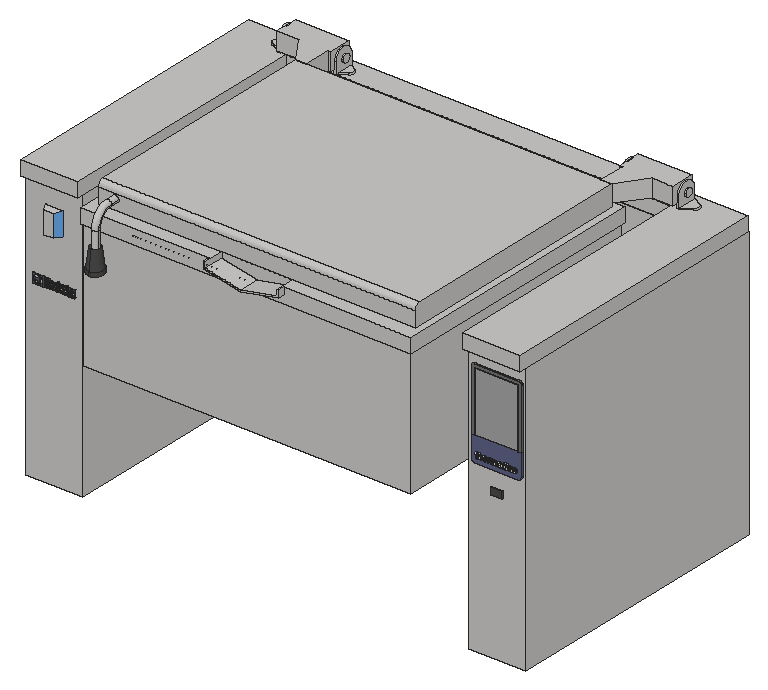
Revit family "QF_ELECTROLUXPROFESSIONAL_586279_PFET08EEEO", category Attrezzature speciali, Revit 2020
Family settings
  Quota connettore circolare = Usa diametro
  Tipo di parte = Normale
  Basato su piano di lavoro = No
  Sempre verticale = Sì
  Taglio con vuoti quando caricato = No
  Condiviso = No
  Punto di calcolo locali = No
Parameters (values of type "Standard")
  Weight = 240.00 kg
  Watts = 20600 W
  Volts = 400 V
  URL Manufacturer = "https://www.electroluxprofessional.com/"
  URL = "https://www.electroluxprofessional.com/"
  Steam Supply Size = 0 mm
  Steam Supply Minimum Pressure = 0.0 Pa
  Steam Supply Maximum Pressure = 0.0 Pa
  Steam Consumption per Hour = 0
  Refrigeration Suction Line Size = 0.0 mm
  Refrigeration Liquid Line Size = 0.0 mm
  Refrigerant Compressor Remote = yes
  Prospetto di default = 0.0 mm
  Produttore = "Electrolux Professional"
  Phase = 3
  Modello = "PFET08EEEO"
  Length Actual = 1400.0 mm  # constant formula
  Item Number = "586279"
  Hot Water Size = 12.7 mm
  Height Actual = 800.0 mm  # constant formula
  HP = "27.6 HP"
  Gas Size = 0 mm
  Gas KW = 0
  Gas Input Pressure = 0 W
  Direct Waste Size = 0 mm
  Descrizione = "ELECTRIC TILTING BRAISING PAN, 80L, COMPOUND(S) FS D800"
  Depth Actual = 800.0 mm  # constant formula
  Cycle = 50 Hz
  Condensate Return Size = 0 mm
  Compressed Air Volume = 0.0 L/s
  Compressed Air Size = 0 mm
  Compressed Air Pressure = 0.0 Pa
  Cold Water Size = 12.7 mm
  Accessory = yes
Reference planes
  plane 1 "Center (Front/Back)": y = 0
  plane 2: z = 0
  plane 3 "Center (Left/Right)": x = 0
  plane 4 "LEFT": x = -700
  plane 5 "RIGHT": x = 700
  plane 6 "BACK": y = 400
  plane 7 "FRONT": y = -400
  plane 8 "Base": z = 200
  plane 9 "TOP": z = 900
  plane 10: x = -540
  plane 11: x = 540
  plane 12 "Axe_PentolaY": y = -180
  plane 13 "AxePentolaZ": z = 730
  plane 14 "PLANE_TOP": z = 860
  plane 15: y = 330
  plane 16: z = 833
  plane 17: z = 502
  plane 18: z = 340
  plane 19: y = -502
  plane 20 "CentroPentolaY": y = -108
  plane 21 "TopCoperchio": z = 958
  plane 22 "Versamento": z = 910
  plane 23 "V1": through (-107.18, -558, 4000) normal (-0.7071, -0.7071, 0)
  plane 24 "V2": through (107.18, -558, 4000) normal (-0.7071, 0.7071, 0)
  plane 25 "Gfront": y = -1250
  plane 26 "LEVEL": through (-245.562, -289.383, 4000) normal (0.866, 0.5, 0)
  plane 27 "GRight": x = 250
  plane 28 "GLeft": x = -250
  plane 29 "Gback": y = -150
  plane 30: z = 1771
  plane 31 "Ribaltamento": y = -522
  plane 32 "AxeL": x = -620
  plane 33 "AxeR": x = 620
  plane 34 "Pentola_Back": y = 258
  plane 35 "Pentola_L": x = -457.5
  plane 36 "Pentola_R": x = 457.5
  plane 37: x = -397.5
  plane 38 "axeC1": x = -480
  plane 39 "axeC2": x = 480
Forms (mm)
  Revolve 1, solid, material "QF_Finishes_Stainless Steel"
    sketch origin (0, 0, 730) x (-1, 0, 0) y (0, -1, 0)
      loop
        line (540, 180) -> (-540, 180) -> (-540, 90) -> (-530, 90) -> (-530, 123) -> (530, 123) -> (530, 90) -> (540, 90) -> (540, 180)
      axis (540, 180) -> (-540, 180)
    angle from 0 to 360
  Extrusion 2, solid, material "QF_Finishes_Stainless Steel"
    sketch origin (0, 0, 860) x (-1, 0, 0) y (0, -1, 0)
      loop
        line (700, 400) -> (540, 400) -> (540, -330) -> (-540, -330) -> (-540, 400) -> (-700, 400) -> (-700, -400) -> (700, -400) -> (700, 400)
    from 0 to 40
  Extrusion 3, solid, material "QF_Finishes_Stainless Steel"
    sketch origin (0, 0, 860) x (-1, 0, 0) y (0, -1, 0)
      loop
        line (540, -330) -> (-540, -330) -> (-540, -400) -> (540, -400) -> (540, -330)
    from 0 to -360
  Extrusion 4, solid, material "QF_Finishes_Stainless Steel"
    sketch origin (-480, 0, 0) x (0, 1, 0) y (0, 0, 1)
      loop
        line (383.242, 900) -> (383.242, 931.379)
        arc (383.242, 931.379) -> (356.621, 958) -> (330, 931.379) r 26.621
        line (330, 931.379) -> (330, 900) -> (383.242, 900)
    from 75 to 82
  Extrusion 5, solid, material "QF_Finishes_Stainless Steel"
    sketch origin (-380, 0, 900) x (0, 1, 0) y (-1, 0, 0)
      loop
        line (334.36, 18) -> (345.936, -3.201)
        arc (345.936, -3.201) -> (356.621, -9.541) -> (367.305, -3.201) r 12.174
        line (367.305, -3.201) -> (378.882, 18) -> (334.36, 18)
      loop
        line (345.936, 211.185) -> (330, 182) -> (383.242, 182) -> (367.305, 211.185)
        arc (367.305, 211.185) -> (356.621, 217.525) -> (345.936, 211.185) r 12.174
    from 0 to 3
  Extrusion 6, solid, material "QF_Finishes_Stainless Steel"
    sketch origin (0, 0, 0) x (0, 1, 0) y (0, 0, 1)
      loop
        line (258, 860) -> (-479, 860) -> (-479, 502) -> (258, 502) -> (258, 860)
    from -457.5 to 457.5
  Extrusion 7, solid, material "QF_Finishes_Stainless Steel"
    sketch origin (0, 0, 0) x (0, 1, 0) y (0, 0, 1)
      loop
        line (264, 860) -> (264, 900) -> (-485, 900) -> (-485, 860) -> (264, 860)
    from -463.5 to 463.5
  Extrusion 8, void
    sketch origin (0, -400, 0) x (-1, 0, 0) y (0, 0, 1)
      loop
        line (-100, 900) -> (-100, 884.138) -> (0, 865.09) -> (100, 884.138) -> (100, 900) -> (-100, 900)
    from -85 to -45
  Extrusion 9, solid, material "QF_Finishes_Stainless Steel"
    sketch origin (0, 0, 0) x (0, 1, 0) y (0, 0, 1)
      loop
        line (244, 958) -> (-430, 958)
        arc (-430, 958) -> (-440.607, 953.607) -> (-445, 943) r 15
        line (-445, 943) -> (-445, 900) -> (244, 900) -> (244, 958)
    from -443.5 to 443.5
  Extrusion 10, solid, material "QF_Finishes_Stainless Steel"
    sketch origin (0, -400, 0) x (-1, 0, 0) y (0, 0, 1)
      loop
        line (105, 880) -> (105, 900) -> (100, 900) -> (100, 884.138) -> (0, 865.09) -> (-100, 884.138) -> (-100, 900) -> (-105, 900) -> (-105, 880) -> (0, 860) -> (105, 880)
    from -102 to -79
  Extrusion 11, solid, material "QF_Finishes_Stainless Steel"
    sketch origin (-480, 0, 0) x (0, 1, 0) y (0, 0, 1)
      loop
        line (383.242, 900) -> (383.242, 931.379)
        arc (383.242, 931.379) -> (356.621, 958) -> (330, 931.379) r 26.621
        line (330, 931.379) -> (330, 900) -> (383.242, 900)
    from -82 to -75
  Extrusion 12, solid, material "QF_Finishes_Stainless Steel"
    sketch origin (-480, 0, 0) x (0, 1, 0) y (0, 0, 1)
      loop
        circle (356.621, 931.379) r 10
    from 82 to 89
  Extrusion 13, solid, material "QF_Finishes_Stainless Steel"
    sketch origin (-480, 0, 0) x (0, 1, 0) y (0, 0, 1)
      loop
        circle (356.621, 931.379) r 10
    from -82 to -89
  Extrusion 14, solid, material "QF_Finishes_Stainless Steel"
    sketch origin (480, 0, 900) x (0, 1, 0) y (-1, 0, 0)
      loop
        arc (345.936, -111.185) -> (356.621, -117.525) -> (367.305, -111.185) r 12.174
        line (367.305, -111.185) -> (383.242, -82) -> (330, -82) -> (345.936, -111.185)
      loop
        line (345.936, 111.185) -> (330, 82) -> (383.242, 82) -> (367.305, 111.185)
        arc (367.305, 111.185) -> (356.621, 117.525) -> (345.936, 111.185) r 12.174
    from 0 to 3
  Extrusion 15, solid, material "QF_Finishes_Stainless Steel"
    sketch origin (480, 0, 0) x (0, 1, 0) y (0, 0, 1)
      loop
        circle (356.621, 931.379) r 10
    from 82 to 89
  Extrusion 16, solid, material "QF_Finishes_Stainless Steel"
    sketch origin (480, 0, 0) x (0, 1, 0) y (0, 0, 1)
      loop
        circle (356.621, 931.379) r 10
    from -82 to -89
  Extrusion 17, solid, material "QF_Finishes_Stainless Steel"
    sketch origin (480, 0, 0) x (0, 1, 0) y (0, 0, 1)
      loop
        line (383.242, 900) -> (383.242, 931.379)
        arc (383.242, 931.379) -> (356.621, 958) -> (330, 931.379) r 26.621
        line (330, 931.379) -> (330, 900) -> (383.242, 900)
    from 75 to 82
  Extrusion 18, solid, material "QF_Finishes_Stainless Steel"
    sketch origin (480, 0, 0) x (0, 1, 0) y (0, 0, 1)
      loop
        line (383.242, 900) -> (383.242, 931.379)
        arc (383.242, 931.379) -> (356.621, 958) -> (330, 931.379) r 26.621
        line (330, 931.379) -> (330, 900) -> (383.242, 900)
    from -82 to -75
  Extrusion 19, solid, material "QF_Finishes_Stainless Steel"
    sketch origin (0, 0, 900) x (0, 1, 0) y (-1, 0, 0)
      loop
        line (318.242, 412.5) -> (318.242, 405) -> (383.242, 405) -> (383.242, 555) -> (318.242, 555) -> (318.242, 495.485) -> (244, 443.5) -> (244, 412.5) -> (318.242, 412.5)
      loop
        line (318.242, -412.5) -> (244, -412.5) -> (244, -443.5) -> (318.242, -495.485) -> (318.242, -555) -> (383.242, -555) -> (383.242, -405) -> (318.242, -405) -> (318.242, -412.5)
    from 10 to 58
  Extrusion 20, solid, material "QF_Door-Drawer Clearances", detail levels coarse
    sketch origin (0, 43.989, -0.088) x (0, 1, 0) y (0, 0, 1)
      loop
        arc (-542.39, 847.898) -> (-565.226, 709.247) -> (-522.989, 575.225) r 302.677
        line (-522.989, 575.225) -> (-522.989, 847.898) -> (-542.39, 847.898)
      loop
        line (325.826, 958.088) -> (124.719, 1720.046) -> (110.522, 1716.299) -> (105.888, 1733.858)
        arc (105.888, 1733.858) -> (78.382, 1766.541) -> (35.668, 1766.049) r 50.001
        arc (35.668, 1766.049) -> (-403.465, 1439.012) -> (-557.984, 913.736) r 864.329
        arc (-557.984, 913.736) -> (-540.994, 929.536) -> (-518.989, 936.891) r 54.807
        line (-518.989, 936.891) -> (-488.989, 936.891) -> (-488.989, 943.088)
        arc (-488.989, 943.088) -> (-484.596, 953.695) -> (-473.989, 958.088) r 15
        line (-473.989, 958.088) -> (325.826, 958.088)
    from 105 to -105
Cuts and joins
  Extrusion 8 cuts Extrusion 7
  joined: Extrusion 7, Extrusion 10
Lines and regions (mm)
  symbolic lines
    curve 1: line (700, 400, 900) -> (-700, 400, 900)
    curve 2: line (700, -400, 900) -> (700, 400, 900)
    curve 3: line (-700, 400, 900) -> (-700, -400, 900)
    curve 4: line (-700, -400, 900) -> (-540, -400, 900)
    curve 5: line (-540, -400, 900) -> (-540, 318.242, 900)
    curve 6: line (540, -400, 900) -> (700, -400, 900)
    curve 7: line (530, -90, 900) -> (530, -270, 900)
    curve 8: line (-530, -90, 900) -> (-530, -270, 900)
    curve 9: line (-530, -90, 900) -> (-540, -90, 900)
    curve 10: line (-530, -270, 900) -> (-540, -270, 900)
    curve 11: line (530, -90, 900) -> (540, -90, 900)
    curve 12: line (530, -270, 900) -> (540, -270, 900)
    curve 18: line (562, 330, 900) -> (555, 330, 900)
    curve 19: line (-530, -122.761, 900) -> (-462.169, -122.761, 900)
    curve 20: line (-530, -236.868, 900) -> (-463.5, -236.868, 900)
    curve 21: line (530, -122.761, 900) -> (463.5, -122.761, 900)
    curve 22: line (530, -236.868, 900) -> (463.5, -236.868, 900)
    curve 49: line (-495.485, 318.242, 900) -> (-443.5, 244, 900)
    curve 50: line (-397.5, 244, 900) -> (-397.5, 264, 900)
    curve 51: line (-555, 383.242, 900) -> (-555, 318.242, 900)
    curve 52: line (-398, 383.242, 900) -> (-562, 383.242, 900)
    curve 53: line (-569, 366.621, 900) -> (-569, 346.621, 900)
    curve 54: line (-591.185, 345.936, 900) -> (-562, 330, 900)
    curve 55: arc (-591.185, 367.305, 900) -> (-597.525, 356.621, 900) -> (-591.185, 345.936, 900) r 12.174
    curve 56: line (-562, 383.242, 900) -> (-591.185, 367.305, 900)
    curve 57: line (-562, 383.242, 900) -> (-562, 330, 900)
    curve 58: arc (591.185, 345.936, 900) -> (597.525, 356.621, 900) -> (591.185, 367.305, 900) r 12.174
    curve 59: line (562, 330, 900) -> (591.185, 345.936, 900)
    curve 60: line (591.185, 367.305, 900) -> (562, 383.242, 900)
    curve 61: line (562, 330, 900) -> (562, 383.242, 900)
    curve 62: line (569, 346.621, 900) -> (569, 366.621, 900)
    curve 63: line (405, 383.242, 900) -> (405, 318.242, 900)
    curve 64: line (368.815, 345.936, 900) -> (398, 330, 900)
    curve 65: line (398, 383.242, 900) -> (368.815, 367.305, 900)
    curve 66: arc (368.815, 367.305, 900) -> (362.475, 356.621, 900) -> (368.815, 345.936, 900) r 12.174
    curve 67: line (391, 366.621, 900) -> (391, 346.621, 900)
    curve 68: line (398, 383.242, 900) -> (398, 330, 900)
    curve 69: line (-412.5, 244, 900) -> (-412.5, 318.242, 900)
    curve 70: line (463.5, 264, 900) -> (457.504, 264, 900)
    curve 71: line (-569, 366.621, 900) -> (-562, 366.621, 900)
    curve 72: line (-569, 346.621, 900) -> (-562, 346.621, 900)
    curve 73: line (-391, 366.621, 900) -> (-398, 366.621, 900)
    curve 74: line (-391, 346.621, 900) -> (-398, 346.621, 900)
    curve 75: line (391, 346.621, 900) -> (398, 346.621, 900)
    curve 76: line (391, 366.621, 900) -> (398, 366.621, 900)
    curve 77: line (569, 366.621, 900) -> (562, 366.621, 900)
    curve 78: line (569, 346.621, 900) -> (562, 346.621, 900)
    curve 79: line (398, 383.242, 900) -> (562, 383.242, 900)
    curve 80: line (405, 330, 900) -> (-398, 330, 900)
    curve 81: line (555, 318.242, 900) -> (555, 383.242, 900)
    curve 82: line (540, 318.242, 900) -> (540, -400, 900)
    curve 83: line (-562, 330, 900) -> (-555, 330, 900)
    curve 84: line (-391, 366.621, 900) -> (-391, 346.621, 900)
    curve 85: line (-392, 337.636, 900) -> (-376.799, 345.936, 900)
    curve 86: arc (-376.799, 345.936, 900) -> (-370.459, 356.621, 900) -> (-376.799, 367.305, 900) r 12.174
    curve 87: line (412.5, 244, 900) -> (412.5, 318.242, 900)
    curve 88: line (-495.485, 318.242, 900) -> (-555, 318.242, 900)
    curve 89: line (-412.5, 318.242, 900) -> (-405, 318.242, 900)
    curve 90: line (-405, 318.242, 900) -> (-405, 383.242, 900)
    curve 91: line (-376.799, 367.305, 900) -> (-398, 378.882, 900)
    curve 92: line (-398, 383.242, 900) -> (-398, 330, 900)
    curve 93: line (-457.504, 264, 900) -> (-463.5, 264, 900)
    curve 94: line (412.5, 264, 900) -> (-412.5, 264, 900)
    curve 95: line (555, 318.242, 900) -> (495.485, 318.242, 900)
    curve 96: line (495.485, 318.242, 900) -> (443.5, 244, 900)
    curve 97: line (405, 318.242, 900) -> (412.5, 318.242, 900)
    curve 98: line (-443.5, -445, 900) -> (443.5, -445, 900)
    curve 99: line (463.5, -485, 900) -> (105, -485, 900)
    curve 100: line (-105, -485, 900) -> (-463.5, -485, 900)
    curve 101: line (-405, 330, 900) -> (-398, 330, 900)
  symbolic lines, style "SpecialityEquipmentHiddenLines"
    curve 13: line (-250, -1250, 900) -> (250, -1250, 900)
    curve 14: line (-250, -150, 900) -> (-250, -1250, 900)
    curve 15: line (250, -150, 900) -> (-250, -150, 900)
    curve 16: line (250, -1250, 900) -> (250, -150, 900)
    curve 39: line (0, -1115.484, 900) -> (0, -1085.484, 900)
    curve 40: line (-15, -1100.484, 900) -> (15, -1100.484, 900)
  symbolic lines, style "SpecialityEquipment"
    curve 17: circle (0, -1100.484, 900) r 15 normal (0, 0, 1)
    curve 23: line (210, -1250, 900) -> (210, -1050, 900)
    curve 24: line (170, -1250, 900) -> (170, -1090, 900)
    curve 25: line (130, -1250, 900) -> (130, -1130, 900)
    curve 26: line (90, -1250, 900) -> (90, -1170, 900)
    curve 27: line (90, -1210, 900) -> (250, -1210, 900)
    curve 28: line (130, -1170, 900) -> (250, -1170, 900)
    curve 29: line (170, -1130, 900) -> (250, -1130, 900)
    curve 30: line (210, -1090, 900) -> (250, -1090, 900)
    curve 31: line (-210, -1250, 900) -> (-210, -1050, 900)
    curve 32: line (-170, -1250, 900) -> (-170, -1090, 900)
    curve 33: line (-130, -1250, 900) -> (-130, -1130, 900)
    curve 34: line (-90, -1250, 900) -> (-90, -1170, 900)
    curve 35: line (-90, -1210, 900) -> (-250, -1210, 900)
    curve 36: line (-130, -1170, 900) -> (-250, -1170, 900)
    curve 37: line (-170, -1130, 900) -> (-250, -1130, 900)
    curve 38: line (-210, -1090, 900) -> (-250, -1090, 900)
    curve 41: line (-443.5, 244, 900) -> (-443.5, -445, 900)
    curve 42: line (443.5, -445, 900) -> (443.5, 244, 900)
    curve 43: line (443.5, 244, 900) -> (-443.5, 244, 900)
    curve 44: line (-463.5, 264, 900) -> (-463.5, -485, 900)
    curve 45: line (463.5, -485, 900) -> (463.5, 264, 900)
    curve 46: line (-105, -502, 900) -> (105, -502, 900)
    curve 47: line (105, -502, 900) -> (105, -445, 900)
    curve 48: line (-105, -445, 900) -> (-105, -502, 900)
Dimensions and locks
  plane 4 "LEFT" to plane 5 "RIGHT" = 1400.0 mm
  equal spacing: plane 4 "LEFT", plane 3 "Center (Left/Right)", plane 5 "RIGHT"
  equal spacing: plane 6 "BACK", plane 1 "Center (Front/Back)", plane 7 "FRONT"
  plane 6 "BACK" to plane 7 "FRONT" = 800.0 mm
  plane 8 "Base" to level = 200.0 mm
  plane 9 "TOP" to level = 900.0 mm
  plane 9 "TOP" to plane 8 "Base" = 700.0 mm
  locked: plane 4 "LEFT" to plane 10 at 160
  locked: plane 11 to plane 5 "RIGHT" at 160
  locked: plane 6 "BACK" to plane 12 "Axe_PentolaY" at 580
  locked: plane 13 "AxePentolaZ" to plane 8 "Base" at 530
  locked: Revolve 1 sketch curve to Revolve 1 sketch curve at 57
  locked: Revolve 1 sketch curve to Revolve 1 sketch curve at 90
  locked: plane 10 to Revolve 1 sketch curve at 10
  locked: Revolve 1 sketch curve to plane 11 at 10
  locked: plane 9 "TOP" to plane 14 "PLANE_TOP" at 40
  plane 6 "BACK" to plane 15 = 70.0 mm
  locked: plane 16 to plane 13 "AxePentolaZ" at 103
  locked: plane 13 "AxePentolaZ" to plane 17 at 228
  locked: plane 17 to plane 18 at 162
  plane 6 "BACK" to plane 19 = 902.0 mm
  locked: plane 6 "BACK" to plane 20 "CentroPentolaY" at 508
  locked: plane 21 "TopCoperchio" to plane 9 "TOP" at 58
  locked: plane 22 "Versamento" to level at 910
  plane 6 "BACK" to plane 25 "Gfront" = 1650.0 mm
  locked: plane 28 "GLeft" to plane 3 "Center (Left/Right)" at 250
  locked: plane 3 "Center (Left/Right)" to plane 27 "GRight" at 250
  plane 6 "BACK" to plane 29 "Gback" = 550.0 mm
  plane 30 to plane 9 "TOP" = 871.0 mm
  plane 6 "BACK" to plane 31 "Ribaltamento" = 922.0 mm
  equal spacing: plane 10, plane 32 "AxeL", plane 4 "LEFT"
  equal spacing: plane 5 "RIGHT", plane 33 "AxeR", plane 11
  locked: plane 36 "Pentola_R" to plane 35 "Pentola_L" at 915
  equal spacing: plane 36 "Pentola_R", plane 3 "Center (Left/Right)", plane 35 "Pentola_L"
  locked: Extrusion 7 sketch curve to plane 34 "Pentola_Back" at 6
  plane 34 "Pentola_Back" to plane 12 "Axe_PentolaY" = 438.0 mm
  locked: plane 37 to plane 35 "Pentola_L" at 60
  plane 4 "LEFT" to plane 38 "axeC1" = 220.0 mm
  plane 39 "axeC2" to plane 5 "RIGHT" = 220.0 mm
  locked: cut or joined group of Extrusion 7, Extrusion 8, Extrusion 10 to plane 36 "Pentola_R" at 6
  locked: plane 35 "Pentola_L" to cut or joined group of Extrusion 7, Extrusion 8, Extrusion 10 at 6
  locked: Extrusion 9 to plane 35 "Pentola_L" at 14
  locked: plane 36 "Pentola_R" to Extrusion 9 at 14
  aligned and locked: level to plane 2
  aligned and locked: plane 5 "RIGHT" to nested 2
  aligned and locked: plane 4 "LEFT" to nested 1
  aligned and locked: plane 6 "BACK" to nested 2
  aligned and locked: plane 10 to Revolve 1 sketch curve
  aligned and locked: plane 11 to Revolve 1 sketch curve
  aligned and locked: plane 4 "LEFT" to Extrusion 2 sketch curve
  aligned and locked: Extrusion 2 sketch curve to plane 10
  aligned and locked: plane 7 "FRONT" to Extrusion 2 sketch curve  (x2)
  aligned and locked: Extrusion 2 sketch curve to plane 5 "RIGHT"
  aligned and locked: plane 11 to Extrusion 2 sketch curve
  aligned and locked: Extrusion 2 sketch curve to plane 6 "BACK"
  aligned and locked: plane 15 to Extrusion 2 sketch curve
  aligned and locked: Extrusion 3 sketch curve to plane 10
  aligned and locked: plane 6 "BACK" to Extrusion 3 sketch curve
  aligned and locked: plane 11 to Extrusion 3 sketch curve
  aligned and locked: Extrusion 3 sketch curve to plane 15
  aligned and locked: curve 13 to plane 25 "Gfront"
  aligned and locked: curve 14 to plane 28 "GLeft"
  aligned and locked: plane 27 "GRight" to curve 16
  aligned and locked: plane 29 "Gback" to curve 15
  aligned and locked: plane 17 to Extrusion 6 sketch curve
  aligned and locked: plane 9 "TOP" to Extrusion 7 sketch curve
  aligned and locked: Extrusion 6 to plane 35 "Pentola_L"
  aligned and locked: plane 36 "Pentola_R" to Extrusion 6
  aligned and locked: plane 37 to nested 3
Automatic sketch dimensions
  plane 12 "Axe_PentolaY" to Revolve 1 sketch curve = 0.0 mm
  Revolve 1 sketch curve to plane 12 "Axe_PentolaY" = 0.0 mm
  plane 20 "CentroPentolaY" to Revolve 1 sketch curve = 18.0 mm
  plane 5 "RIGHT" to Revolve 1 sketch curve = 432.098 mm
  Revolve 1 sketch curve to plane 4 "LEFT" = 580.148 mm
  Extrusion 4 sketch curve to plane 9 "TOP" = 0.0 mm
  Extrusion 4 sketch curve to plane 15 = 0.0 mm
  plane 15 to Extrusion 4 sketch curve = 26.621 mm
  plane 22 "Versamento" to Extrusion 4 sketch curve = 21.379 mm
  plane 16 to Extrusion 6 sketch curve = 27.0 mm
  Extrusion 6 sketch curve to plane 34 "Pentola_Back" = 0.0 mm
  Extrusion 6 sketch curve to plane 7 "FRONT" = 79.0 mm
  Extrusion 7 sketch curve to plane 7 "FRONT" = 85.0 mm
  Extrusion 9 sketch curve to plane 9 "TOP" = 0.0 mm
  Extrusion 9 sketch curve to plane 7 "FRONT" = 45.0 mm
  Extrusion 9 sketch curve to Extrusion 9 sketch curve = 15.0 mm
  Extrusion 9 sketch curve to plane 34 "Pentola_Back" = 14.0 mm
  Extrusion 10 sketch curve to plane 9 "TOP" = 0.0 mm  (x2)
  plane 3 "Center (Left/Right)" to Extrusion 10 sketch curve = 100.0 mm
  Extrusion 11 sketch curve to plane 9 "TOP" = 0.0 mm
  Extrusion 11 sketch curve to plane 15 = 0.0 mm
  plane 15 to Extrusion 11 sketch curve = 26.621 mm
  plane 22 "Versamento" to Extrusion 11 sketch curve = 21.379 mm
  plane 15 to Extrusion 12 sketch curve = 26.621 mm
  plane 22 "Versamento" to Extrusion 12 sketch curve = 21.379 mm
  plane 15 to Extrusion 13 sketch curve = 26.621 mm
  plane 22 "Versamento" to Extrusion 13 sketch curve = 21.379 mm
  Extrusion 14 sketch curve to plane 15 = 0.0 mm  (x2)
  plane 15 to Extrusion 14 sketch curve = 15.936 mm  (x2)
  Extrusion 14 sketch curve to Extrusion 14 sketch curve = 10.684 mm  (x4)
  plane 27 "GRight" to Extrusion 14 sketch curve = 118.815 mm
  Extrusion 14 sketch curve to plane 6 "BACK" = 16.758 mm  (x2)
  Extrusion 14 sketch curve to Extrusion 14 sketch curve = 5.834 mm  (x2)
  Extrusion 14 sketch curve to Extrusion 14 sketch curve = 29.185 mm
  plane 11 to Extrusion 14 sketch curve = 22.0 mm
  Extrusion 14 sketch curve to plane 33 "AxeR" = 34.649 mm
  plane 15 to Extrusion 15 sketch curve = 26.621 mm
  plane 22 "Versamento" to Extrusion 15 sketch curve = 21.379 mm
  plane 15 to Extrusion 16 sketch curve = 26.621 mm
  plane 22 "Versamento" to Extrusion 16 sketch curve = 21.379 mm
  Extrusion 17 sketch curve to plane 9 "TOP" = 0.0 mm
  Extrusion 17 sketch curve to plane 15 = 0.0 mm
  Extrusion 17 sketch curve to Extrusion 17 sketch curve = 26.621 mm
  plane 22 "Versamento" to Extrusion 17 sketch curve = 21.379 mm
  Extrusion 18 sketch curve to plane 9 "TOP" = 0.0 mm
  Extrusion 18 sketch curve to plane 15 = 0.0 mm
  Extrusion 18 sketch curve to Extrusion 18 sketch curve = 26.621 mm
  plane 22 "Versamento" to Extrusion 18 sketch curve = 21.379 mm
  Extrusion 9 sketch curve to plane 21 "TopCoperchio" = 0.0 mm
  plane 16 to Extrusion 7 sketch curve = 27.0 mm
  plane 15 to Extrusion 5 sketch curve = 4.36 mm
  Extrusion 5 sketch curve to plane 15 = 0.0 mm
  plane 15 to Extrusion 5 sketch curve = 15.936 mm  (x2)
  Extrusion 5 sketch curve to Extrusion 5 sketch curve = 10.684 mm  (x4)
  Extrusion 5 sketch curve to plane 6 "BACK" = 16.758 mm
  plane 37 to Extrusion 5 sketch curve = 20.701 mm
  Extrusion 5 sketch curve to Extrusion 5 sketch curve = 5.834 mm  (x2)
  Extrusion 5 sketch curve to plane 10 = 22.0 mm
  plane 32 "AxeL" to Extrusion 5 sketch curve = 34.649 mm
  Extrusion 5 sketch curve to plane 6 "BACK" = 21.118 mm
  Extrusion 5 sketch curve to plane 37 = 0.5 mm
  Extrusion 20 sketch curve to plane 21 "TopCoperchio" = 0.0 mm
  plane 19 to Extrusion 20 sketch curve = 3.599 mm
  Extrusion 20 sketch curve to plane 14 "PLANE_TOP" = 12.19 mm
  Extrusion 20 sketch curve to Extrusion 20 sketch curve = 19.401 mm
  plane 19 to Extrusion 20 sketch curve = 27.0 mm
  Extrusion 20 sketch curve to plane 9 "TOP" = 17.677 mm
  plane 19 to Extrusion 20 sketch curve = 32.978 mm
  Extrusion 20 sketch curve to Extrusion 20 sketch curve = 30.0 mm
  plane 13 "AxePentolaZ" to Extrusion 20 sketch curve = 0.64 mm
  Extrusion 20 sketch curve to plane 12 "Axe_PentolaY" = 39.323 mm
  Extrusion 20 sketch curve to plane 30 = 50.0 mm
  Extrusion 20 sketch curve to plane 1 "Center (Front/Back)" = 101.535 mm
  Extrusion 20 sketch curve to plane 30 = 37.23 mm
  Extrusion 20 sketch curve to Extrusion 20 sketch curve = 48.343 mm
  Extrusion 20 sketch curve to plane 30 = 54.789 mm
  Extrusion 20 sketch curve to Extrusion 20 sketch curve = 4.634 mm
  Extrusion 20 sketch curve to plane 30 = 51.042 mm
  plane 15 to Extrusion 20 sketch curve = 19.768 mm
  plane 9 "TOP" to Extrusion 20 sketch curve = 36.803 mm
  Extrusion 20 sketch curve to plane 21 "TopCoperchio" = 15.0 mm
  Extrusion 20 sketch curve to plane 21 "TopCoperchio" = 13.078 mm
  plane 9 "TOP" to Extrusion 20 sketch curve = 13.648 mm
  Extrusion 19 sketch curve to plane 34 "Pentola_Back" = 14.0 mm  (x2)
  Extrusion 19 sketch curve to plane 15 = 11.758 mm  (x4)
  Extrusion 19 sketch curve to plane 6 "BACK" = 16.758 mm  (x2)
  Extrusion 19 sketch curve to plane 37 = 7.5 mm
  Extrusion 19 sketch curve to plane 36 "Pentola_R" = 52.5 mm
  Extrusion 19 sketch curve to Extrusion 19 sketch curve = 7.5 mm
  Extrusion 19 sketch curve to plane 36 "Pentola_R" = 14.0 mm
  plane 39 "axeC2" to Extrusion 19 sketch curve = 15.485 mm
  plane 11 to Extrusion 19 sketch curve = 15.0 mm
  Extrusion 19 sketch curve to plane 37 = 15.0 mm
  plane 35 "Pentola_L" to Extrusion 19 sketch curve = 14.0 mm
  Extrusion 19 sketch curve to plane 38 "axeC1" = 15.485 mm
  Extrusion 19 sketch curve to plane 10 = 15.0 mm
  curve 39 to plane 3 "Center (Left/Right)" = 0.0 mm
  curve 17 to plane 3 "Center (Left/Right)" = 0.0 mm
  curve 47 to plane 19 = 0.0 mm
  curve 2 to plane 5 "RIGHT" = 0.0 mm
  curve 2 to plane 7 "FRONT" = 0.0 mm
  curve 3 to plane 4 "LEFT" = 0.0 mm
  curve 3 to plane 7 "FRONT" = 0.0 mm
  curve 12 to plane 11 = 0.0 mm
  curve 10 to plane 10 = 0.0 mm
  curve 50 to plane 37 = 0.0 mm
  curve 101 to plane 15 = 0.0 mm
  curve 18 to plane 15 = 0.0 mm
  curve 54 to plane 15 = 0.0 mm
  curve 2 to plane 6 "BACK" = 0.0 mm
  plane 25 "Gfront" to curve 17 = 149.516 mm
  curve 100 to plane 35 "Pentola_L" = 6.0 mm
  plane 19 to curve 100 = 17.0 mm
  plane 36 "Pentola_R" to curve 45 = 6.0 mm
  plane 19 to curve 45 = 17.0 mm
  curve 98 to plane 36 "Pentola_R" = 14.0 mm
  curve 45 to curve 98 = 40.0 mm
  curve 12 to plane 11 = 10.0 mm
  curve 12 to plane 12 "Axe_PentolaY" = 90.0 mm
  plane 10 to curve 8 = 10.0 mm
  curve 8 to plane 12 "Axe_PentolaY" = 90.0 mm
  plane 20 "CentroPentolaY" to curve 11 = 18.0 mm
  plane 20 "CentroPentolaY" to curve 9 = 18.0 mm
  curve 41 to plane 34 "Pentola_Back" = 14.0 mm
  plane 34 "Pentola_Back" to curve 44 = 6.0 mm
  plane 34 "Pentola_Back" to curve 70 = 6.0 mm
  curve 95 to plane 15 = 11.758 mm
  curve 97 to plane 15 = 11.758 mm
  curve 89 to plane 15 = 11.758 mm
  curve 88 to plane 15 = 11.758 mm
  plane 15 to curve 85 = 15.936 mm
  plane 15 to curve 59 = 15.936 mm
  plane 15 to curve 54 = 15.936 mm
  plane 15 to curve 64 = 15.936 mm
  plane 15 to curve 75 = 16.621 mm
  plane 37 to curve 84 = 6.5 mm
  curve 86 to curve 84 = 0.684 mm
  plane 15 to curve 72 = 16.621 mm
  plane 15 to curve 78 = 16.621 mm
  curve 85 to curve 86 = 10.684 mm
  curve 66 to curve 66 = 10.684 mm
  curve 54 to curve 55 = 10.684 mm
  curve 58 to curve 58 = 10.684 mm
  curve 66 to curve 67 = 10.0 mm
  curve 86 to curve 73 = 10.0 mm
  curve 55 to curve 71 = 10.0 mm
  curve 58 to curve 77 = 10.0 mm
  curve 58 to curve 60 = 10.684 mm
  curve 55 to curve 56 = 10.684 mm
  plane 37 to curve 91 = 20.701 mm
  curve 86 to curve 91 = 10.684 mm
  curve 66 to curve 65 = 10.684 mm
  curve 92 to plane 37 = 0.5 mm
  curve 73 to curve 92 = 16.621 mm
  curve 76 to curve 65 = 16.621 mm
  curve 59 to plane 33 "AxeR" = 28.815 mm
  curve 58 to curve 58 = 5.834 mm
  curve 58 to curve 62 = 16.351 mm
  curve 62 to curve 18 = 7.0 mm
  curve 18 to curve 95 = 7.0 mm
  plane 39 "axeC2" to curve 96 = 15.485 mm
  curve 87 to plane 36 "Pentola_R" = 45.0 mm
  curve 87 to curve 97 = 7.5 mm
  curve 63 to curve 68 = 7.0 mm
  curve 76 to curve 76 = 7.0 mm
  curve 67 to curve 66 = 16.351 mm
  curve 66 to curve 65 = 5.834 mm
  plane 3 "Center (Left/Right)" to curve 47 = 105.0 mm
  curve 48 to plane 3 "Center (Left/Right)" = 105.0 mm
  curve 86 to curve 86 = 5.834 mm
  curve 90 to plane 37 = 7.5 mm
  curve 89 to curve 69 = 7.5 mm
  plane 35 "Pentola_L" to curve 98 = 14.0 mm
  curve 49 to plane 38 "axeC1" = 15.485 mm
  curve 88 to plane 10 = 15.0 mm
  curve 51 to curve 56 = 7.0 mm
  curve 72 to curve 53 = 7.0 mm
  curve 53 to curve 55 = 16.351 mm
  curve 55 to curve 56 = 5.834 mm
  curve 34 to curve 35 = 40.0 mm
  curve 26 to curve 27 = 40.0 mm
  curve 35 to curve 34 = 40.0 mm
  curve 35 to curve 36 = 40.0 mm
  curve 27 to curve 28 = 40.0 mm
  curve 26 to curve 28 = 0.0 mm
  curve 36 to curve 37 = 40.0 mm
  curve 28 to curve 29 = 40.0 mm
  curve 28 to curve 25 = 40.0 mm
  curve 37 to curve 33 = 0.0 mm
  curve 39 to curve 17 = 15.0 mm
  curve 40 to curve 17 = 0.0 mm
  curve 37 to curve 38 = 40.0 mm
  curve 29 to curve 24 = 40.0 mm
  curve 29 to curve 30 = 40.0 mm
  curve 38 to curve 32 = 0.0 mm
  curve 38 to curve 31 = 40.0 mm
  curve 30 to curve 23 = 40.0 mm
  curve 7 to curve 22 = 33.132 mm
  curve 20 to plane 12 "Axe_PentolaY" = 56.868 mm
  curve 19 to plane 20 "CentroPentolaY" = 14.761 mm
  curve 21 to plane 20 "CentroPentolaY" = 14.761 mm
  plane 34 "Pentola_Back" to curve 50 = 6.0 mm
  plane 15 to curve 85 = 7.636 mm
  curve 91 to curve 52 = 4.36 mm
  curve 64 to curve 68 = 0.0 mm
  curve 23 to plane 27 "GRight" = 40.0 mm
  curve 30 to curve 29 = 40.0 mm
  curve 24 to curve 25 = 40.0 mm
  curve 28 to curve 26 = 40.0 mm
  curve 35 to plane 3 "Center (Left/Right)" = 90.0 mm
  curve 34 to curve 36 = 40.0 mm
  curve 33 to curve 32 = 40.0 mm
  plane 28 "GLeft" to curve 31 = 40.0 mm
  plane 37 to curve 85 = 5.5 mm
  curve 19 to plane 35 "Pentola_L" = 4.669 mm
  Extrusion 8 sketch curve to plane 9 "TOP" = 0.0 mm
  plane 3 "Center (Left/Right)" to Extrusion 8 sketch curve = 0.0 mm
  plane 14 "PLANE_TOP" to Extrusion 8 sketch curve = 5.09 mm
  Extrusion 8 sketch curve to plane 3 "Center (Left/Right)" = 100.0 mm
  Extrusion 8 sketch curve to plane 9 "TOP" = 15.862 mm  (x2)
  plane 3 "Center (Left/Right)" to Extrusion 8 sketch curve = 100.0 mm
  Extrusion 10 sketch curve to plane 3 "Center (Left/Right)" = 100.0 mm
  Extrusion 10 sketch curve to Extrusion 10 sketch curve = 5.0 mm  (x2)
  Extrusion 10 sketch curve to plane 9 "TOP" = 15.862 mm  (x2)
  Extrusion 10 sketch curve to Extrusion 10 sketch curve = 4.138 mm  (x2)
  Extrusion 10 sketch curve to plane 3 "Center (Left/Right)" = 0.0 mm  (x2)
  plane 14 "PLANE_TOP" to Extrusion 10 sketch curve = 5.09 mm
  Extrusion 10 sketch curve to Extrusion 10 sketch curve = 5.09 mm
  radius of Extrusion 12 sketch curve = 10.0 mm
  radius of Extrusion 13 sketch curve = 10.0 mm
  radius of Extrusion 15 sketch curve = 10.0 mm
  radius of Extrusion 16 sketch curve = 10.0 mm
Nested families
  nested 1: "QF_ELECTROLUXPROFESSIONAL_PBOT800H760_LEFT" at (-620, 0, 0), type "QF_ELECTROLUXPROFESSIONAL_PBOT800H760_LEFT"
    with Body Finish QF_Finishes_Stainless Steel
  nested 2: "QF_ELECTROLUXPROFESSIONAL_PBOT800H760_RIGHT" at (620, 0, 0), type "QF_ELECTROLUXPROFESSIONAL_PBOT800H760_RIGHT"
    with Body Finish QF_Finishes_Stainless Steel
  nested 3: "QF_ELECTROLUXPROFESSIONAL_PFET900_LEVEL2" at (-397.5, -445, 927.803), type "QF_ELECTROLUXPROFESSIONAL_PFET900_LEVEL2"
Connectors
  piping at (-650, 403, 395), diameter 12.7, driven by "Hot Water Size"
    settings: on nested 1, index 1, connector inside diameter 609.6 mm, connector length 0.0 mm, flow factor 0, pipe flow 0.0 L/s, pressure drop 0.0 Pa, fitting loss kfactor 0, connector angle 0.00°, fixture units 0, engagement length 0.0 mm, angle of deflection 0.00°, flow configuration 1, flow direction 1, fitting loss method 0, system type 19, joint type 0, gender type 0, connector reference index -1, connector utility 0, adjustable connector no, is connector primary yes, connector description "Hot Water Inlet"
  piping at (-590, 403, 395), diameter 12.7, driven by "Cold Water Size"
    settings: on nested 1, index 2, connector inside diameter 609.6 mm, connector length 0.0 mm, flow factor 0, pipe flow 0.0 L/s, pressure drop 0.0 Pa, fitting loss kfactor 0, connector angle 0.00°, fixture units 0, engagement length 0.0 mm, angle of deflection 0.00°, flow configuration 1, flow direction 1, fitting loss method 0, system type 20, joint type 0, gender type 0, connector reference index -1, connector utility 0, adjustable connector no, is connector primary no, connector description "Cold Water Inlet"
  electrical at (620, 400, 450), driven by "Volts"
    settings: on nested 2, index 3, voltage 400 V, apparent load 0 VA, apparent load phase1 0 VA, apparent load phase2 0 VA, apparent load phase3 0 VA, power factor 1, load classification "Other", number of poles 1, system type 30, power factor state 1, is connector primary yes, connector utility no, sub classification motor no, connector description "Electrical Connection"
Definition of nested family "QF_ELECTROLUXPROFESSIONAL_PBOT800H760_LEFT"
  Parameters
    Width = 160.0 mm
    Right = Width / 2  # 80.0 mm
    Default Elevation = 0.0 mm
    Left = -Width / 2  # -80.0 mm
    Htop = 40.0 mm
    Height = 900.0 mm
    HW_CW_z = 295.0 mm
    HW_CW_y = 315.0 mm
    HW_CW_Border = 50.0 mm
    HBase = 100.0 mm
    Depth = 800.0 mm
    BorderFront = 20.0 mm
    Body Finish [instance] = none
  Reference planes
    plane 1 "Center (Front/Back)": y = 0
    plane 2: z = 0
    plane 3 "Center (Left/Right)": x = 0
    plane 4 "LEFT": x = -80
    plane 5 "RIGHT": x = 80
    plane 6 "BACK": y = 400
    plane 7 "FRONT": y = -400
    plane 8 "TRAYSLIDER": y = -811.8
    plane 9 "Base": z = 100
    plane 10 "TOP": z = 900
    plane 11 "BorderFront": y = -380
    plane 12: z = 860
    plane 13 "HW_CW": y = 85
    plane 14: x = -30
    plane 15: x = 30
    plane 16 "SteamO": y = 161
    plane 17 "CHW": z = 395
  Forms (mm)
    Extrusion 1, solid
      sketch origin (0, 0, 0) x (1, 0, 0) y (0, 1, 0)
        loop
          line (-80, 400) -> (-80, -380) -> (80, -380) -> (80, 400) -> (-80, 400)
      from 860 to 100
    Extrusion 2, solid, material <- "Body Finish"
      sketch origin (0, 400, 0) x (-1, 0, 0) y (0, 0, 1)
        loop
          circle (30, 395) r 6.35
        loop
          circle (-30, 395) r 6.35
      from 3 to 0
    Blend 3, solid, material <- "Body Finish"
      base sketch origin (0, -380, -0.233) x (-1, 0, 0) y (0, 0, 1)
        loop
          line (23.5, 800.233) -> (-23.5, 800.233) -> (-23.5, 733.433) -> (23.5, 733.433) -> (23.5, 800.233)
      top sketch origin (0, -380, -0.233) x (-1, 0, 0) y (0, 0, 1)
        loop
          line (13.448, 797.45) -> (-13.448, 797.45) -> (-13.448, 736.216) -> (13.448, 736.216) -> (13.448, 797.45)
      from 0 to -20
    Extrusion 4, solid
      sketch origin (-12.54, -380, 23) x (-1, 0, 0) y (0, 0, 1)
        loop
          line (5.327, 593.058) -> (5.327, 590.846) -> (11.437, 590.846) -> (11.437, 587.616) -> (5.692, 587.616) -> (5.692, 585.398) -> (11.437, 585.398) -> (11.437, 583.444)
          arc (11.437, 583.444) -> (10.839, 582.088) -> (9.435, 581.614) r 1.838
          line (9.435, 581.614) -> (5.163, 581.614) -> (5.163, 579.403) -> (9.986, 579.403)
          arc (9.986, 579.403) -> (12.674, 580.517) -> (13.788, 583.205) r 3.802
          line (13.788, 583.205) -> (13.788, 593.058) -> (5.327, 593.058)
        loop
          line (3.492, 593.058) -> (1.141, 593.058) -> (1.141, 579.403) -> (3.492, 579.403) -> (3.492, 593.058)
        loop
          line (-47.588, 593.058) -> (-49.941, 593.058) -> (-49.941, 579.403) -> (-47.588, 579.403) -> (-47.588, 593.058)
        loop
          arc (-2.749, 583.764) -> (-3.194, 582.272) -> (-4.489, 581.409) r 2.29
          arc (-4.489, 581.409) -> (-6.614, 581.225) -> (-8.443, 582.322) r 3.458
          line (-8.443, 582.322) -> (-9.836, 580.928)
          arc (-9.836, 580.928) -> (-7.685, 579.48) -> (-5.119, 579.102) r 5.86
          arc (-5.119, 579.102) -> (-1.823, 580.467) -> (-0.457, 583.764) r 4.662
          arc (-0.457, 583.764) -> (-1.495, 587.706) -> (-5.131, 589.55) r 4.976
          arc (-5.131, 589.55) -> (-9.259, 588.004) -> (-10.466, 583.764) r 4.89
          line (-10.466, 583.764) -> (-2.749, 583.764)
        loop
          arc (-2.808, 585.417) -> (-3.843, 587.066) -> (-5.727, 587.557) r 2.64
          arc (-5.727, 587.557) -> (-7.36, 586.981) -> (-8.104, 585.417) r 2.256
          line (-8.104, 585.417) -> (-2.808, 585.417)
        loop
          arc (-19.634, 586.402) -> (-17.741, 587.437) -> (-15.609, 587.112) r 3.369
          arc (-15.609, 587.112) -> (-14.276, 585.699) -> (-14.118, 583.764) r 2.933
          arc (-14.118, 583.764) -> (-16.389, 581.316) -> (-19.559, 582.365) r 3.088
          line (-19.559, 582.365) -> (-21.028, 580.896)
          arc (-21.028, 580.896) -> (-14.811, 579.611) -> (-11.775, 585.186) r 5.33
          arc (-11.775, 585.186) -> (-13.576, 588.365) -> (-17.009, 589.62) r 5.293
          arc (-17.009, 589.62) -> (-19.259, 589.219) -> (-21.111, 587.878) r 5.117
          line (-21.111, 587.878) -> (-19.634, 586.402)
        loop
          line (-22.556, 593.058) -> (-24.908, 593.058) -> (-24.908, 589.279) -> (-27.044, 589.279) -> (-27.044, 587.143) -> (-24.908, 587.143) -> (-24.908, 583.764)
          arc (-24.908, 583.764) -> (-25.11, 582.682) -> (-25.866, 581.883) r 1.949
          arc (-25.866, 581.883) -> (-26.455, 581.649) -> (-27.088, 581.601) r 2.118
          line (-27.088, 581.601) -> (-27.088, 579.397)
          arc (-27.088, 579.397) -> (-24.962, 579.678) -> (-23.283, 581.013) r 4.018
          arc (-23.283, 581.013) -> (-22.759, 582.327) -> (-22.556, 583.727) r 6.031
          line (-22.556, 583.727) -> (-22.556, 593.058)
        loop
          line (-31.355, 584.595) -> (-31.355, 579.403) -> (-29.023, 579.403) -> (-29.023, 589.279) -> (-31.355, 589.279) -> (-31.355, 587.855)
          arc (-31.355, 587.855) -> (-32.932, 589.208) -> (-35.001, 589.403) r 3.432
          line (-35.001, 589.403) -> (-35.001, 587.143)
          arc (-35.001, 587.143) -> (-33.417, 587.175) -> (-32.009, 586.452) r 3.231
          arc (-32.009, 586.452) -> (-31.523, 585.579) -> (-31.355, 584.595) r 2.967
        loop
          circle (-40.752, 584.339) r 5.233
        loop
          circle (-40.752, 584.339) r 3.172
        loop
          line (-58.424, 583.516) -> (-58.424, 589.279) -> (-60.794, 589.279) -> (-60.794, 583.417)
          arc (-60.794, 583.417) -> (-59.481, 580.276) -> (-56.268, 579.153) r 4.181
          arc (-56.268, 579.153) -> (-53.09, 580.243) -> (-51.74, 583.32) r 4.181
          line (-51.74, 583.32) -> (-51.74, 589.279) -> (-54.111, 589.279) -> (-54.111, 583.516)
          arc (-54.111, 583.516) -> (-54.692, 581.919) -> (-56.268, 581.283) r 2.088
          arc (-56.268, 581.283) -> (-57.843, 581.919) -> (-58.424, 583.516) r 2.088
        loop
          line (-62.216, 589.279) -> (-64.76, 589.279) -> (-66.89, 586.347) -> (-69.053, 589.279) -> (-71.621, 589.279) -> (-68.238, 584.695) -> (-71.937, 579.4) -> (-69.425, 579.4) -> (-66.898, 582.879) -> (-64.408, 579.4) -> (-61.879, 579.4) -> (-65.631, 584.642) -> (-62.216, 589.279)
        loop
          arc (12.465, 573.743) -> (10.91, 572.325) -> (12.18, 570.647) r 1.561
          line (12.18, 570.647) -> (13.314, 570.647) -> (13.314, 569.021) -> (14.34, 569.021) -> (14.34, 573.743) -> (12.465, 573.743)
        loop
          line (12.224, 571.575) -> (13.314, 571.575) -> (13.314, 572.789) -> (12.224, 572.789)
          arc (12.224, 572.789) -> (11.836, 572.182) -> (12.224, 571.575) r 0.668
        loop
          arc (5.055, 573.743) -> (3.966, 573.299) -> (3.497, 572.221) r 1.559
          arc (3.497, 572.221) -> (3.646, 571.544) -> (4.091, 571.012) r 1.458
          line (4.091, 571.012) -> (3.163, 569.021) -> (4.265, 569.021) -> (4.944, 570.647) -> (5.937, 570.647) -> (5.937, 569.021) -> (6.963, 569.021) -> (6.963, 573.743) -> (5.055, 573.743)
        loop
          line (5.937, 572.789) -> (4.847, 572.789)
          arc (4.847, 572.789) -> (4.459, 572.182) -> (4.847, 571.575) r 0.668
          line (4.847, 571.575) -> (5.937, 571.575) -> (5.937, 572.789)
        loop
          circle (-2.866, 571.382) r 2.453
        loop
          circle (-2.866, 571.382) r 1.557
        loop
          line (-9.35, 573.743) -> (-12.299, 573.743) -> (-12.299, 572.725) -> (-10.352, 572.725) -> (-10.352, 571.729) -> (-12.129, 571.729) -> (-12.129, 570.671) -> (-10.352, 570.671) -> (-10.352, 569.021) -> (-9.35, 569.021) -> (-9.35, 573.743)
        loop
          line (-16.282, 573.743) -> (-19.27, 573.743) -> (-19.27, 572.851) -> (-17.252, 572.851) -> (-17.252, 571.921) -> (-19.139, 571.921) -> (-19.139, 571.029) -> (-17.252, 571.029)
          arc (-17.252, 571.029) -> (-17.355, 570.353) -> (-17.883, 569.916) r 0.961
          line (-17.883, 569.916) -> (-19.316, 569.916) -> (-19.316, 569.024) -> (-17.792, 569.024)
          arc (-17.792, 569.024) -> (-16.717, 569.474) -> (-16.282, 570.555) r 1.51
          line (-16.282, 570.555) -> (-16.282, 573.743)
        loop
          line (-33.381, 573.145) -> (-32.842, 572.436)
          arc (-32.842, 572.436) -> (-32.43, 572.802) -> (-31.895, 572.931) r 1.135
          arc (-31.895, 572.931) -> (-31.448, 572.574) -> (-31.757, 572.093) r 0.427
          arc (-31.757, 572.093) -> (-32.293, 571.892) -> (-32.815, 571.659) r 9.371
          arc (-32.815, 571.659) -> (-33.228, 571.39) -> (-33.551, 571.017) r 1.779
          arc (-33.551, 571.017) -> (-33.7, 570.209) -> (-33.41, 569.439) r 1.535
          arc (-33.41, 569.439) -> (-32.755, 569.091) -> (-32.028, 568.946) r 2.556
          arc (-32.028, 568.946) -> (-31.439, 569.005) -> (-30.895, 569.238) r 1.957
          arc (-30.895, 569.238) -> (-30.416, 569.671) -> (-30.118, 570.245) r 1.815
          line (-30.118, 570.245) -> (-30.944, 570.63)
          arc (-30.944, 570.63) -> (-31.179, 570.219) -> (-31.563, 569.943) r 1.118
          arc (-31.563, 569.943) -> (-32.007, 569.83) -> (-32.453, 569.935) r 0.963
          arc (-32.453, 569.935) -> (-32.693, 570.417) -> (-32.345, 570.828) r 0.489
          arc (-32.345, 570.828) -> (-31.793, 571.095) -> (-31.211, 571.289) r 4.78
          arc (-31.211, 571.289) -> (-30.52, 572.116) -> (-30.631, 573.188) r 1.385
          arc (-30.631, 573.188) -> (-31.232, 573.642) -> (-31.964, 573.821) r 1.872
          arc (-31.964, 573.821) -> (-32.756, 573.658) -> (-33.381, 573.145) r 1.69
        loop
          line (-37.714, 573.743) -> (-38.684, 573.743) -> (-38.684, 569.024) -> (-37.714, 569.024) -> (-37.714, 573.743)
        loop
          circle (-45.226, 571.384) r 1.468
        loop
          circle (-45.226, 571.384) r 2.451
        loop
          line (-51.736, 569.024) -> (-51.736, 573.743) -> (-52.679, 573.743) -> (-54.838, 570.686) -> (-54.838, 573.743) -> (-55.818, 573.743) -> (-55.818, 569.024) -> (-54.875, 569.024) -> (-52.716, 571.991) -> (-52.716, 569.024) -> (-51.736, 569.024)
        loop
          line (-60.71, 569.024) -> (-59.668, 569.024) -> (-61.514, 573.743) -> (-62.424, 573.743) -> (-64.417, 569.024) -> (-63.375, 569.024) -> (-62.915, 570.042) -> (-61.17, 570.042) -> (-60.71, 569.024)
        loop
          line (-62.48, 571.01) -> (-61.558, 571.01) -> (-62.012, 572.047) -> (-62.48, 571.01)
        loop
          line (-69.237, 569.916) -> (-71.051, 569.916) -> (-71.051, 569.024) -> (-68.266, 569.024) -> (-68.266, 573.743) -> (-69.237, 573.743) -> (-69.237, 569.916)
        loop
          line (-26.307, 573.145) -> (-25.768, 572.436)
          arc (-25.768, 572.436) -> (-25.356, 572.802) -> (-24.821, 572.931) r 1.135
          arc (-24.821, 572.931) -> (-24.373, 572.574) -> (-24.683, 572.093) r 0.427
          arc (-24.683, 572.093) -> (-25.218, 571.892) -> (-25.74, 571.659) r 9.371
          arc (-25.74, 571.659) -> (-26.153, 571.39) -> (-26.476, 571.017) r 1.779
          arc (-26.476, 571.017) -> (-26.625, 570.209) -> (-26.336, 569.439) r 1.535
          arc (-26.336, 569.439) -> (-25.681, 569.091) -> (-24.953, 568.946) r 2.556
          arc (-24.953, 568.946) -> (-24.365, 569.005) -> (-23.821, 569.238) r 1.957
          arc (-23.821, 569.238) -> (-23.341, 569.671) -> (-23.044, 570.245) r 1.815
          line (-23.044, 570.245) -> (-23.87, 570.63)
          arc (-23.87, 570.63) -> (-24.105, 570.219) -> (-24.488, 569.943) r 1.118
          arc (-24.488, 569.943) -> (-24.933, 569.83) -> (-25.379, 569.935) r 0.963
          arc (-25.379, 569.935) -> (-25.619, 570.417) -> (-25.27, 570.828) r 0.489
          arc (-25.27, 570.828) -> (-24.718, 571.095) -> (-24.137, 571.289) r 4.78
          arc (-24.137, 571.289) -> (-23.445, 572.116) -> (-23.556, 573.188) r 1.385
          arc (-23.556, 573.188) -> (-24.158, 573.642) -> (-24.889, 573.821) r 1.872
          arc (-24.889, 573.821) -> (-25.681, 573.658) -> (-26.307, 573.145) r 1.69
        loop
          arc (28.462, 593.245) -> (19.282, 580.828) -> (28.462, 568.412) r 12.987
          line (28.462, 568.412) -> (28.462, 593.245)
        loop
          line (29.418, 593.324) -> (29.418, 591.35)
          arc (29.418, 591.35) -> (32.835, 584.89) -> (39.417, 581.715) r 11.707
          line (39.417, 581.715) -> (45.017, 581.715)
          arc (45.017, 581.715) -> (39.886, 591.105) -> (29.418, 593.324) r 12.809
        loop
          line (29.725, 570.21) -> (29.725, 568.093)
          arc (29.725, 568.093) -> (40.061, 570.682) -> (45.028, 580.108) r 13.06
          line (45.028, 580.108) -> (40.92, 580.108)
          arc (40.92, 580.108) -> (33.58, 577.129) -> (29.725, 570.21) r 11.93
        loop
          line (45.971, 594.6) -> (18.333, 594.6) -> (18.333, 567) -> (45.971, 567) -> (45.971, 594.6)
      from -1.6 to 0
    Extrusion 5, solid
      sketch origin (0, 0, 100) x (0, 1, 0) y (-1, 0, 0)
        loop
          circle (85, 30) r 5
        loop
          circle (85, -30) r 5
      from 0 to -3
    Extrusion 6, solid
      sketch origin (0, 73, 100) x (0, 1, 0) y (-1, 0, 0)
        loop
          circle (88, 0) r 12.7
      from 0 to -3
  Lines and regions (mm)
    symbolic lines
      curve 1: line (80, 400, 0) -> (-80, 400, 0)
      curve 2: line (-80, 400, 0) -> (-80, -380, 0)
  Dimensions and locks
    "Width": plane 4 "LEFT" to plane 5 "RIGHT"
    equal spacing: plane 4 "LEFT", plane 3 "Center (Left/Right)", plane 5 "RIGHT"
    equal spacing: plane 6 "BACK", plane 1 "Center (Front/Back)", plane 7 "FRONT"
    "Depth": plane 6 "BACK" to plane 7 "FRONT"
    "BorderFront": plane 11 "BorderFront" to plane 7 "FRONT"
    "Htop": plane 10 "TOP" to plane 12
    "Height": plane 10 "TOP" to level
    "HBase": plane 9 "Base" to level
    "HW_CW_y": plane 6 "BACK" to plane 13 "HW_CW"
    "HW_CW_Border": plane 4 "LEFT" to plane 14
    "HW_CW_Border": plane 15 to plane 5 "RIGHT"
    locked: plane 6 "BACK" to plane 16 "SteamO" at 239
    "HW_CW_z": plane 17 "CHW" to plane 9 "Base"
    aligned and locked: level to plane 2
    aligned and locked: plane 11 "BorderFront" to Extrusion 1 sketch curve
    aligned and locked: plane 12 to Extrusion 1
    aligned and locked: Extrusion 1 to plane 9 "Base"
    aligned and locked: plane 4 "LEFT" to Extrusion 1 sketch curve
    aligned and locked: Extrusion 1 sketch curve to plane 5 "RIGHT"
    aligned and locked: Extrusion 1 sketch curve to plane 6 "BACK"
  Automatic sketch dimensions
    curve 1 to plane 4 "LEFT" = 0.0 mm
    curve 1 to plane 5 "RIGHT" = 0.0 mm
    curve 2 to plane 11 "BorderFront" = 0.0 mm
    curve 2 to plane 6 "BACK" = 0.0 mm
    Extrusion 2 sketch curve to plane 15 = 0.0 mm
    Extrusion 2 sketch curve to plane 14 = 0.0 mm
    Extrusion 2 sketch curve to plane 17 "CHW" = 0.0 mm  (x2)
    Blend 3 sketch curve to plane 15 = 6.5 mm
    plane 14 to Blend 3 sketch curve = 6.5 mm
    Blend 3 sketch curve to plane 12 = 126.8 mm
    Blend 3 sketch curve to plane 12 = 60.0 mm
    plane 3 "Center (Left/Right)" to Blend 3 sketch curve = 13.448 mm
    Blend 3 sketch curve to plane 3 "Center (Left/Right)" = 13.448 mm
    Blend 3 sketch curve to plane 12 = 124.017 mm
    Blend 3 sketch curve to Blend 3 sketch curve = 61.233 mm
    Extrusion 4 sketch curve to Extrusion 4 sketch curve = 0.0 mm  (x37)
    Extrusion 4 sketch curve to plane 5 "RIGHT" = 20.603 mm
    Extrusion 4 sketch curve to Extrusion 4 sketch curve = 0.317 mm
    Extrusion 4 sketch curve to Extrusion 4 sketch curve = 0.886 mm
    Extrusion 4 sketch curve to Extrusion 4 sketch curve = 2.512 mm
    Extrusion 4 sketch curve to Extrusion 4 sketch curve = 1.815 mm
    Extrusion 4 sketch curve to Extrusion 4 sketch curve = 2.567 mm
    Extrusion 4 sketch curve to Extrusion 4 sketch curve = 0.97 mm  (x3)
    Extrusion 4 sketch curve to Extrusion 4 sketch curve = 0.815 mm  (x2)
    Extrusion 4 sketch curve to Extrusion 4 sketch curve = 1.341 mm
    Extrusion 4 sketch curve to Extrusion 4 sketch curve = 1.348 mm
    Extrusion 4 sketch curve to Extrusion 4 sketch curve = 1.259 mm
    Extrusion 4 sketch curve to Extrusion 4 sketch curve = 2.13 mm
    Extrusion 4 sketch curve to Extrusion 4 sketch curve = 3.849 mm
    Extrusion 4 sketch curve to Extrusion 4 sketch curve = 2.49 mm
    Extrusion 4 sketch curve to Extrusion 4 sketch curve = 1.043 mm
    Extrusion 4 sketch curve to Extrusion 4 sketch curve = 0.46 mm  (x2)
    Extrusion 4 sketch curve to Extrusion 4 sketch curve = 0.435 mm  (x3)
    Extrusion 4 sketch curve to Extrusion 4 sketch curve = 0.055 mm  (x2)
    Extrusion 4 sketch curve to Extrusion 4 sketch curve = 2.544 mm
    Extrusion 4 sketch curve to Extrusion 4 sketch curve = 0.468 mm
    Extrusion 4 sketch curve to Extrusion 4 sketch curve = 2.528 mm
    Extrusion 4 sketch curve to Extrusion 4 sketch curve = 0.922 mm
    Extrusion 4 sketch curve to Extrusion 4 sketch curve = 0.91 mm
    Extrusion 4 sketch curve to Extrusion 4 sketch curve = 0.388 mm
    Extrusion 4 sketch curve to Extrusion 4 sketch curve = 1.422 mm
    Extrusion 4 sketch curve to Extrusion 4 sketch curve = 1.042 mm
    Extrusion 4 sketch curve to Extrusion 4 sketch curve = 2.371 mm
    Extrusion 4 sketch curve to Extrusion 4 sketch curve = 1.809 mm  (x2)
    Extrusion 4 sketch curve to Extrusion 4 sketch curve = 0.273 mm  (x2)
    Extrusion 4 sketch curve to Extrusion 4 sketch curve = 0.147 mm
    Extrusion 4 sketch curve to Extrusion 4 sketch curve = 5.696 mm
    Extrusion 4 sketch curve to Extrusion 4 sketch curve = 0.943 mm
    Extrusion 4 sketch curve to Extrusion 4 sketch curve = 0.037 mm  (x2)
    Extrusion 4 sketch curve to Extrusion 4 sketch curve = 2.122 mm
    Extrusion 4 sketch curve to Extrusion 4 sketch curve = 2.372 mm
    Extrusion 4 sketch curve to Extrusion 4 sketch curve = 0.944 mm
    Extrusion 4 sketch curve to Extrusion 4 sketch curve = 1.799 mm
    Extrusion 4 sketch curve to Extrusion 4 sketch curve = 2.353 mm
    plane 15 to Extrusion 4 sketch curve = 2.686 mm
    Extrusion 4 sketch curve to plane 15 = 1.789 mm
    Extrusion 4 sketch curve to plane 15 = 3.856 mm
    Extrusion 4 sketch curve to Extrusion 4 sketch curve = 5.751 mm
    Extrusion 4 sketch curve to Extrusion 4 sketch curve = 0.679 mm
    Extrusion 4 sketch curve to Extrusion 4 sketch curve = 0.728 mm
    Extrusion 4 sketch curve to Extrusion 4 sketch curve = 0.178 mm
    Extrusion 4 sketch curve to Extrusion 4 sketch curve = 4.332 mm
    Extrusion 4 sketch curve to Extrusion 4 sketch curve = 0.539 mm  (x2)
    Extrusion 4 sketch curve to Extrusion 4 sketch curve = 0.634 mm  (x2)
    Extrusion 4 sketch curve to Extrusion 4 sketch curve = 0.036 mm  (x2)
    Extrusion 4 sketch curve to Extrusion 4 sketch curve = 0.114 mm  (x2)
    Extrusion 4 sketch curve to Extrusion 4 sketch curve = 0.807 mm  (x2)
    Extrusion 4 sketch curve to Extrusion 4 sketch curve = 0.007 mm  (x2)
    Extrusion 4 sketch curve to Extrusion 4 sketch curve = 0.156 mm  (x2)
    Extrusion 4 sketch curve to Extrusion 4 sketch curve = 0.005 mm  (x2)
    Extrusion 4 sketch curve to Extrusion 4 sketch curve = 0.083 mm  (x2)
    Extrusion 4 sketch curve to Extrusion 4 sketch curve = 0.13 mm  (x4)
    Extrusion 4 sketch curve to Extrusion 4 sketch curve = 0.009 mm  (x2)
    Extrusion 4 sketch curve to Extrusion 4 sketch curve = 0.159 mm  (x2)
    Extrusion 4 sketch curve to Extrusion 4 sketch curve = 0.075 mm  (x2)
    Extrusion 4 sketch curve to Extrusion 4 sketch curve = 0.025 mm  (x2)
    Extrusion 4 sketch curve to Extrusion 4 sketch curve = 2.918 mm
    Extrusion 4 sketch curve to Extrusion 4 sketch curve = 2.789 mm
    Extrusion 4 sketch curve to Extrusion 4 sketch curve = 0.908 mm  (x2)
    Extrusion 4 sketch curve to Extrusion 4 sketch curve = 0.826 mm  (x2)
    Extrusion 4 sketch curve to Extrusion 4 sketch curve = 0.126 mm  (x3)
    Extrusion 4 sketch curve to Extrusion 4 sketch curve = 2.333 mm
    Extrusion 4 sketch curve to Extrusion 4 sketch curve = 1.257 mm  (x2)
    Extrusion 4 sketch curve to Extrusion 4 sketch curve = 2.771 mm
    Extrusion 4 sketch curve to Extrusion 4 sketch curve = 1.497 mm
    Extrusion 4 sketch curve to Extrusion 4 sketch curve = 1.979 mm
    Extrusion 4 sketch curve to Extrusion 4 sketch curve = 1.653 mm
    Extrusion 4 sketch curve to Extrusion 4 sketch curve = 0.085 mm
    Extrusion 4 sketch curve to Extrusion 4 sketch curve = 0.315 mm
    Extrusion 4 sketch curve to Extrusion 4 sketch curve = 3.811 mm
    Extrusion 4 sketch curve to Extrusion 4 sketch curve = 2.136 mm  (x2)
    Extrusion 4 sketch curve to Extrusion 4 sketch curve = 2.352 mm  (x2)
    Extrusion 4 sketch curve to Extrusion 4 sketch curve = 3.797 mm
    Extrusion 4 sketch curve to Extrusion 4 sketch curve = 1.528 mm
    Extrusion 4 sketch curve to Extrusion 4 sketch curve = 1.476 mm  (x2)
    Extrusion 4 sketch curve to Extrusion 4 sketch curve = 1.469 mm  (x2)
    Extrusion 4 sketch curve to Extrusion 4 sketch curve = 3.728 mm
    Extrusion 4 sketch curve to Extrusion 4 sketch curve = 0.046 mm
    Extrusion 4 sketch curve to Extrusion 4 sketch curve = 0.177 mm
    Extrusion 4 sketch curve to Extrusion 4 sketch curve = 0.947 mm
    Extrusion 4 sketch curve to Extrusion 4 sketch curve = 0.308 mm
    Extrusion 4 sketch curve to Extrusion 4 sketch curve = 0.091 mm
    Extrusion 4 sketch curve to Extrusion 4 sketch curve = 2.375 mm
    Extrusion 4 sketch curve to Extrusion 4 sketch curve = 0.94 mm
    Extrusion 4 sketch curve to Extrusion 4 sketch curve = 0.54 mm
    Extrusion 4 sketch curve to Extrusion 4 sketch curve = 0.102 mm
    Extrusion 4 sketch curve to Extrusion 4 sketch curve = 0.002 mm  (x4)
    Extrusion 4 sketch curve to Extrusion 4 sketch curve = 0.105 mm
    Extrusion 4 sketch curve to Extrusion 4 sketch curve = 0.097 mm
    Extrusion 4 sketch curve to plane 3 "Center (Left/Right)" = 0.241 mm
    Extrusion 4 sketch curve to plane 3 "Center (Left/Right)" = 0.412 mm
    Extrusion 4 sketch curve to plane 3 "Center (Left/Right)" = 2.074 mm
    Extrusion 4 sketch curve to Extrusion 4 sketch curve = 1.777 mm
